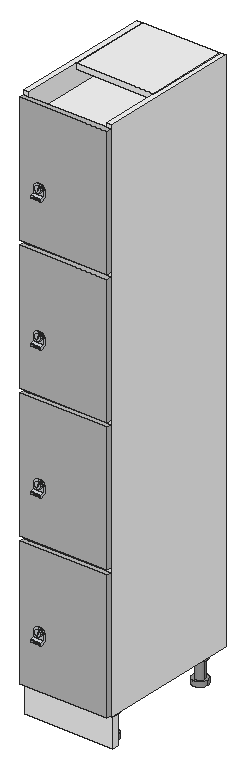
Revit family "1900H Locker Postal Slot 4 Door", category Casework, Revit 2016
Family settings
  OmniClass Number = 23.40.35.00
  OmniClass Title = Casework
  Work Plane-Based = No
  Always vertical = Yes
  Cut with Voids When Loaded = No
  Shared = No
  Room Calculation Point = No
Parameters (values of type "LW319P4ABNP")
  WarrantyGuarantorParts = "www.bisley.com"  # constant formula
  WarrantyGuarantorLabour = "www.bisley.com"  # constant formula
  WarrantyDurationUnit = "Years"  # constant formula
  WarrantyDurationParts = "5"  # constant formula
  WarrantyDurationLabour = "5"  # constant formula
  WarrantyDescription = "5 Years Parts & Labour"  # constant formula
  Uniclass2015Version = "3.1"  # constant formula
  Uniclass2015Title = "Lockers"  # constant formula
  Uniclass2015Code = "Pr_40_30_78_48"  # constant formula
  URL = "www.bisley.com"
  SustainabilityPerformance = "FSC Approved"  # constant formula
  SerialNumber = ""
  NominalWidth = Width  # 300 mm
  NominalLength = Depth  # 500 mm
  NominalHeight = Height  # 1900 mm
  Name = "1900H Postal Slot Door"  # constant formula
  NBSReference = "45-35-80/380"  # constant formula
  NBSDescription = "General fittings, furnishings and equipment system"  # constant formula
  ModelReference = "LW319P4ABNP"
  Model = "Lockerwall"  # constant formula
  Material = "MFC"  # constant formula
  ManufacturerURL = "www.bisley.com"  # constant formula
  Manufacturer = "Bisley"  # constant formula
  ManufactureName = "Bisley"  # constant formula
  M3 Lock = no
  Foot [instance] = Foot 100 : Foot 100
  Finish = "Matt"  # constant formula
  E4 Lock = no
  DurationUnit = "Years"  # constant formula
  Depth = 500 mm
  Height = 1900 mm
  Width = 300 mm
  Carcass Material = "MFC"  # constant formula
  Author = "Bisley"  # constant formula
  AssetType = "Fixed"  # constant formula
  AB Lock = yes
Types (19, lengths in mm): name | NominalWidth | ModelReference | M3 Lock | E4 Lock | Width | AB Lock
  (no name) | 300 | "LW319P4ABNP" | no | no | 300 | yes
  LW319P4ABNP | 300 | "LW319P4ABNP" | no | no | 300 | yes
  LW319P4ABUK | 300 | "LW319P4ABUK" | no | no | 300 | yes
  LW319P4E4NP | 300 | "LW319P4E4NP" | no | yes | 300 | no
  LW319P4E4UK | 300 | "LW319P4E4UK" | no | yes | 300 | no
  LW319P4M3NP | 300 | "LW319P4M3NP" | yes | no | 300 | no
  LW319P4M3UK | 300 | "LW319P4M3UK" | yes | no | 300 | no
  LW419P4ABNP | 400 | "LW419P4ABNP" | no | no | 400 | yes
  LW419P4ABUK | 400 | "LW419P4ABUK" | no | no | 400 | yes
  LW419P4E4NP | 400 | "LW419P4E4NP" | no | yes | 400 | no
  LW419P4E4UK | 400 | "LW419P4E4UK" | no | yes | 400 | no
  LW419P4M3NP | 400 | "LW419P4M3NP" | yes | no | 400 | no
  LW419P4M3UK | 400 | "LW419P4M3UK" | yes | no | 400 | no
  LW519P4ABNP | 500 | "LW519P4ABNP" | no | no | 500 | yes
  LW519P4ABUK | 500 | "LW519P4ABUK" | no | no | 500 | yes
  LW519P4E4NP | 500 | "LW519P4E4NP" | no | yes | 500 | no
  LW519P4E4UK | 500 | "LW519P4E4UK" | no | yes | 500 | no
  LW519P4M3NP | 500 | "LW519P4M3NP" | yes | no | 500 | no
  LW519P4M3UK | 500 | "LW519P4M3UK" | yes | no | 500 | no
Reference planes
  plane 1 "Back": y = 0
  plane 2: z = 0
  plane 3 "Center (Left/Right)": x = 44.7
  plane 4 "Front": y = -500
  plane 5 "Left": x = -105.3
  plane 6 "Right": x = 194.7
  plane 7 "Top": z = 1900
  plane 8 "Base": z = 98
  plane 9 "Base Left": x = -87.3
  plane 10 "Base Right": x = 176.7
  plane 11: y = -482
  plane 12: y = -10.5
  plane 13: y = -29.5
  plane 14 "Back Base": z = 110.5
  plane 15: z = 1887.5
  plane 16: z = 95
  plane 17 "Plinth": y = -477
  plane 18: y = -459
  plane 19: z = 101
  plane 20: z = 536
  plane 21: z = 551
  plane 22: z = 986
  plane 23: z = 1001
  plane 24: z = 1436
  plane 25: x = -103.3
  plane 26: x = 192.7
  plane 27 "Shelf 2": z = 999
  plane 28 "Shelf 1": z = 549
  plane 29 "Shelf 3": z = 1449
  plane 30: z = 1451
  plane 31: z = 1886
  plane 32: y = -282
  plane 33 "Shelf 4": z = 480
  plane 34 "Shelf 5": z = 930
  plane 35 "Shelf 6": z = 1380
  plane 36 "Shelf 7": z = 1830
Forms (mm)
  Extrusion 1, solid, not visible
    sketch origin (-1691.73, 346.204, -12) x (1, 0, 0) y (0, 0, 1)
      loop
        line (48, 12) -> (56, 12) -> (56, 20) -> (48, 20) -> (48, 12)
    from 0 to 26
  Extrusion 2, solid, not visible
    sketch origin (-1683.73, 346.204, -12) x (-1, 0, 0) y (0, 0, -1)
      loop
        line (48, -12) -> (48, -20) -> (56, -20) -> (56, -12) -> (48, -12)
    from 0 to 26
  Extrusion 3, solid, not visible
    sketch origin (-1687.73, 350.204, -3.997) x (0, 1, 0) y (0, 0, 1)
      loop
        line (-26, 3.997) -> (-26, 11.997) -> (-34, 11.997) -> (-34, 3.997) -> (-26, 3.997)
    from -52 to 52
  Extrusion 4, solid, material "MFC 1"
    sketch origin (0, 0, 0) x (1, 0, 0) y (0, 1, 0)
      loop
        line (-105.3, -482) -> (-87.3, -482) -> (-87.3, 0) -> (-105.3, 0) -> (-105.3, -482)
    from 98 to 1900
  Extrusion 5, solid, material "MFC 1"
    sketch origin (0, 0, 98) x (-1, 0, 0) y (0, -1, 0)
      loop
        line (-176.7, 482) -> (-194.7, 482) -> (-194.7, 0) -> (-176.7, 0) -> (-176.7, 482)
    from 0 to 1802
  Extrusion 6, solid, material "MFC 1"
    sketch origin (0, 0, 98) x (-1, 0, 0) y (0, -1, 0)
      loop
        line (87.3, 482) -> (-176.7, 482) -> (-176.7, 0) -> (87.3, 0) -> (87.3, 482)
    from 0 to 18
  Extrusion 7, void
    sketch origin (176.7, 0, 0) x (0, 1, 0) y (0, 0, 1)
      loop
        line (-29.5, 110.5) -> (-10.5, 110.5) -> (-10.5, 116) -> (-29.5, 116) -> (-29.5, 110.5)
    from 0 to -264
  Extrusion 8, solid, material "MFC 1"
    sketch origin (0, 0, 1540) x (0, -1, 0) y (1, 0, 0)
      loop
        line (282, -87.3) -> (282, 176.7) -> (0, 176.7) -> (0, -87.3) -> (282, -87.3)
    from 360 to 342
  Extrusion 9, void
    sketch origin (176.7, 0, 0) x (0, 1, 0) y (0, 0, 1)
      loop
        line (-29.5, 1884.5) -> (-10.5, 1884.5) -> (-10.5, 1887.5) -> (-29.5, 1887.5) -> (-29.5, 1884.5)
    from 0 to -264
  Extrusion 10, solid, material "MFC 1"
    sketch origin (0, 0, 110.5) x (0, -1, 0) y (1, 0, 0)
      loop
        line (29.5, -87.3) -> (29.5, 176.7) -> (10.5, 176.7) -> (10.5, -87.3) -> (29.5, -87.3)
    from 0 to 1777
  Extrusion 11, solid, material "MFC 1"
    sketch origin (0, 0, 0) x (1, 0, 0) y (0, 1, 0)
      loop
        line (-105.3, -477) -> (194.7, -477) -> (194.7, -459) -> (-105.3, -459) -> (-105.3, -477)
    from 0 to 95
  Extrusion 12, solid, material "MFC 2"
    sketch origin (0, -500, 180) x (1, 0, 0) y (0, 0, 1)
      loop
        line (-103.3, 821) -> (192.7, 821) -> (192.7, 1256) -> (-103.3, 1256) -> (-103.3, 821)
    from 0 to -18
  Extrusion 13, solid, material "MFC 2"
    sketch origin (0, -500, 90) x (1, 0, 0) y (0, 0, 1)
      loop
        line (-103.3, 461) -> (192.7, 461) -> (192.7, 896) -> (-103.3, 896) -> (-103.3, 461)
    from 0 to -18
  Extrusion 14, solid, material "MFC 2"
    sketch origin (0, -500, 0) x (1, 0, 0) y (0, 0, 1)
      loop
        line (-103.3, 101) -> (192.7, 101) -> (192.7, 536) -> (-103.3, 536) -> (-103.3, 101)
    from 0 to -18
  Extrusion 15, solid, material "MFC 1"
    sketch origin (0, 0, 540) x (-1, 0, 0) y (0, -1, 0)
      loop
        line (87.3, 482) -> (-176.7, 482) -> (-176.7, 29.5) -> (87.3, 29.5) -> (87.3, 482)
    from 9 to 27
  Extrusion 16, solid, material "MFC 1"
    sketch origin (0, 0, 990) x (-1, 0, 0) y (0, -1, 0)
      loop
        line (87.3, 482) -> (-176.7, 482) -> (-176.7, 29.5) -> (87.3, 29.5) -> (87.3, 482)
    from 9 to 27
  Extrusion 17, solid, material "MFC 1"
    sketch origin (0, 0, 1449) x (-1, 0, 0) y (0, -1, 0)
      loop
        line (87.3, 482) -> (-176.7, 482) -> (-176.7, 29.5) -> (87.3, 29.5) -> (87.3, 482)
    from 0 to 18
  Extrusion 18, solid, material "MFC 2"
    sketch origin (0, -500, 270) x (1, 0, 0) y (0, 0, 1)
      loop
        line (-103.3, 1181) -> (192.7, 1181) -> (192.7, 1616) -> (-103.3, 1616) -> (-103.3, 1181)
    from 0 to -18
  Extrusion 19, solid, material "MFC 1"
    sketch origin (0, 0, 480) x (-1, 0, 0) y (0, -1, 0)
      loop
        line (87.3, 482) -> (-176.7, 482) -> (-176.7, 29.5) -> (87.3, 29.5) -> (87.3, 482)
    from 0 to -18
  Extrusion 20, solid, material "MFC 1"
    sketch origin (0, 0, 930) x (-1, 0, 0) y (0, -1, 0)
      loop
        line (87.3, 482) -> (-176.7, 482) -> (-176.7, 29.5) -> (87.3, 29.5) -> (87.3, 482)
    from 0 to -18
  Extrusion 21, solid, material "MFC 1"
    sketch origin (0, 0, 1380) x (-1, 0, 0) y (0, -1, 0)
      loop
        line (87.3, 482) -> (-176.7, 482) -> (-176.7, 29.5) -> (87.3, 29.5) -> (87.3, 482)
    from 0 to -18
  Extrusion 22, solid, material "MFC 1"
    sketch origin (0, 0, 1830) x (-1, 0, 0) y (0, -1, 0)
      loop
        line (87.3, 482) -> (-176.7, 482) -> (-176.7, 29.5) -> (87.3, 29.5) -> (87.3, 482)
    from 0 to -18
Cuts and joins
  Extrusion 7, Extrusion 9 cuts Extrusion 5
  Extrusion 7 cuts Extrusion 6
  Extrusion 9 cuts Extrusion 4
  Extrusion 9 cuts Extrusion 8
Dimensions and locks
  "Width": plane 6 "Right" to plane 5 "Left"
  equal spacing: plane 6 "Right", plane 3 "Center (Left/Right)", plane 5 "Left"
  "Depth": plane 4 "Front" to plane 1 "Back"
  "Height": level to plane 7 "Top"
  locked: plane 5 "Left" to plane 9 "Base Left" at 18
  locked: plane 10 "Base Right" to plane 6 "Right" at 18
  locked: plane 7 "Top" to plane 15 at 12.5
  Extrusion 10 to plane 1 "Back" = 10.5 mm
  locked: nested 1 to plane 6 "Right" at 68
  locked: nested 2 to plane 6 "Right" at 68
  locked: plane 1 "Back" to nested 3 at 79.5
  locked: plane 11 to plane 4 "Front" at 18
  locked: plane 17 "Plinth" to plane 4 "Front" at 23
  locked: plane 18 to plane 4 "Front" at 41
  locked: nested 1 to plane 4 "Front" at 91
  locked: plane 5 "Left" to nested 4 at 68
  locked: plane 5 "Left" to nested 3 at 68
  locked: plane 4 "Front" to nested 4 at 91
  locked: plane 6 "Right" to plane 26 at 2
  locked: plane 25 to plane 5 "Left" at 2
  locked: plane 5 "Left" to nested 7 at 51
  locked: plane 5 "Left" to nested 6 at 51
  locked: plane 5 "Left" to nested 5 at 51
  locked: plane 5 "Left" to nested 10 at 40.5
  locked: plane 5 "Left" to nested 9 at 40.5
  locked: plane 5 "Left" to nested 8 at 40.5
  locked: plane 5 "Left" to nested 13 at 54.3
  locked: plane 5 "Left" to nested 12 at 54.3
  locked: plane 5 "Left" to nested 11 at 54.3
  locked: plane 5 "Left" to nested 16 at 40.5
  locked: plane 5 "Left" to nested 14 at 51
  locked: plane 5 "Left" to nested 15 at 54.3
  aligned and locked: level to plane 2
  aligned and locked: Extrusion 4 sketch curve to plane 11
  aligned and locked: Extrusion 4 sketch curve to plane 5 "Left"
  aligned and locked: Extrusion 4 sketch curve to plane 1 "Back"
  aligned and locked: plane 9 "Base Left" to Extrusion 4 sketch curve
  aligned and locked: Extrusion 4 to plane 8 "Base"
  aligned and locked: Extrusion 4 to plane 7 "Top"
  aligned and locked: Extrusion 5 sketch curve to plane 11
  aligned and locked: Extrusion 5 sketch curve to plane 10 "Base Right"
  aligned and locked: Extrusion 5 sketch curve to plane 1 "Back"
  aligned and locked: plane 6 "Right" to Extrusion 5 sketch curve
  aligned and locked: Extrusion 5 to plane 7 "Top"
  aligned and locked: Extrusion 5 to plane 8 "Base"
  aligned and locked: Extrusion 4 to Extrusion 6 sketch curve
  aligned and locked: Extrusion 6 sketch curve to Extrusion 4
  aligned and locked: Extrusion 5 to Extrusion 6 sketch curve
  aligned and locked: Extrusion 6 sketch curve to Extrusion 5
  aligned and locked: plane 6 "Right" to Extrusion 5
  aligned and locked: Extrusion 7 to plane 9 "Base Left"
  aligned and locked: plane 10 "Base Right" to Extrusion 7
  aligned and locked: Extrusion 8 sketch curve to Extrusion 4
  aligned and locked: cut or joined group of Extrusion 5, Extrusion 7, Extrusion 9 to Extrusion 8 sketch curve
  aligned and locked: plane 15 to Extrusion 9 sketch curve
  aligned and locked: cut or joined group of Extrusion 6, Extrusion 7 to Extrusion 10 sketch curve  (x2)
  aligned and locked: Extrusion 10 to plane 14 "Back Base"
  aligned and locked: plane 15 to Extrusion 10
  aligned and locked: Extrusion 9 to plane 9 "Base Left"
  aligned and locked: Extrusion 11 sketch curve to plane 17 "Plinth"
  aligned and locked: Extrusion 11 sketch curve to plane 5 "Left"
  aligned and locked: plane 18 to Extrusion 11 sketch curve
  aligned and locked: plane 6 "Right" to Extrusion 11 sketch curve
  aligned and locked: Extrusion 11 to plane 5 "Left"
  aligned and locked: plane 6 "Right" to Extrusion 11
  aligned and locked: Extrusion 5 to plane 11
  aligned and locked: Extrusion 4 to plane 11
  aligned and locked: Extrusion 12 to plane 25
  aligned and locked: plane 26 to Extrusion 12
  aligned and locked: Extrusion 12 to plane 23
  aligned and locked: plane 24 to Extrusion 12
  aligned and locked: Extrusion 13 sketch curve to plane 21
  aligned and locked: Extrusion 13 sketch curve to plane 25
  aligned and locked: plane 22 to Extrusion 13 sketch curve
  aligned and locked: plane 26 to Extrusion 13 sketch curve
  aligned and locked: Extrusion 14 sketch curve to plane 19
  aligned and locked: Extrusion 14 sketch curve to plane 25
  aligned and locked: plane 20 to Extrusion 14 sketch curve
  aligned and locked: plane 26 to Extrusion 14 sketch curve
  aligned and locked: Extrusion 15 sketch curve to cut or joined group of Extrusion 6, Extrusion 7
  aligned and locked: nested 2 to Extrusion 15 sketch curve
  aligned and locked: Extrusion 16 sketch curve to cut or joined group of Extrusion 6, Extrusion 7
  aligned and locked: nested 2 to Extrusion 16 sketch curve
  aligned and locked: Extrusion 8 to plane 7 "Top"
  aligned and locked: Extrusion 17 sketch curve to cut or joined group of Extrusion 6, Extrusion 7
  aligned and locked: nested 2 to Extrusion 17 sketch curve
  aligned and locked: Extrusion 18 sketch curve to plane 30
  aligned and locked: Extrusion 18 sketch curve to plane 25
  aligned and locked: plane 31 to Extrusion 18 sketch curve
  aligned and locked: plane 26 to Extrusion 18 sketch curve
  aligned and locked: cut or joined group of Extrusion 5, Extrusion 7, Extrusion 9 to Extrusion 8
  aligned and locked: Extrusion 16 to plane 27 "Shelf 2"
  aligned and locked: Extrusion 15 to plane 28 "Shelf 1"
  aligned and locked: Extrusion 8 to plane 32
  aligned and locked: Extrusion 19 sketch curve to cut or joined group of Extrusion 6, Extrusion 7  (x2)
  aligned and locked: cut or joined group of Extrusion 6, Extrusion 7 to Extrusion 19 sketch curve
  aligned and locked: nested 2 to Extrusion 19 sketch curve
  aligned and locked: plane 33 "Shelf 4" to Extrusion 19
  aligned and locked: Extrusion 20 sketch curve to cut or joined group of Extrusion 6, Extrusion 7  (x2)
  aligned and locked: cut or joined group of Extrusion 6, Extrusion 7 to Extrusion 20 sketch curve
  aligned and locked: nested 2 to Extrusion 20 sketch curve
  aligned and locked: plane 34 "Shelf 5" to Extrusion 20
  aligned and locked: Extrusion 21 sketch curve to cut or joined group of Extrusion 6, Extrusion 7  (x2)
  aligned and locked: cut or joined group of Extrusion 6, Extrusion 7 to Extrusion 21 sketch curve
  aligned and locked: nested 2 to Extrusion 21 sketch curve
  aligned and locked: plane 35 "Shelf 6" to Extrusion 21
  aligned and locked: Extrusion 22 sketch curve to cut or joined group of Extrusion 6, Extrusion 7  (x2)
  aligned and locked: cut or joined group of Extrusion 6, Extrusion 7 to Extrusion 22 sketch curve
  aligned and locked: nested 2 to Extrusion 22 sketch curve
  aligned and locked: plane 36 "Shelf 7" to Extrusion 22
Automatic sketch dimensions
  Extrusion 1 sketch curve to Extrusion 1 sketch curve = 8 mm  (x2)
  Extrusion 2 sketch curve to Extrusion 2 sketch curve = 8 mm  (x2)
  Extrusion 3 sketch curve to Extrusion 3 sketch curve = 8 mm  (x2)
  Extrusion 7 sketch curve to plane 13 = 0 mm
  Extrusion 7 sketch curve to plane 12 = 0 mm
  Extrusion 7 sketch curve to plane 14 "Back Base" = 0 mm
  Extrusion 7 sketch curve to Extrusion 7 sketch curve = 5.5 mm
  Extrusion 9 sketch curve to plane 13 = 0 mm
  Extrusion 9 sketch curve to plane 12 = 0 mm
  Extrusion 9 sketch curve to Extrusion 9 sketch curve = 3 mm
  plane 24 to Extrusion 12 sketch curve = 0 mm
  Extrusion 12 sketch curve to plane 25 = 0 mm
  plane 26 to Extrusion 12 sketch curve = 0 mm
  Extrusion 12 sketch curve to plane 23 = 0 mm
  plane 1 "Back" to Extrusion 8 sketch curve = 0 mm
  plane 11 to Extrusion 8 sketch curve = 200 mm
Nested families
  nested 1: "Foot 100" at (196.401, -409, 0) x (-1, 0, 0) z (0, 0, 1), type "Foot 100"
  nested 2: "Foot 100" at (196.401, -29.5, 0) x (-1, 0, 0) z (0, 0, 1), type "Foot 100"
  nested 3: "Foot 100" at (-107, -29.5, 0), type "Foot 100"
  nested 4: "Foot 100" at (-107, -409, 0), type "Foot 100"
  nested 5: "AB Lock" at (-82, -500, 253), visible <- "AB Lock", type "AB Lock"
  nested 6: "AB Lock" at (-82, -500, 703), visible <- "AB Lock", type "AB Lock"
  nested 7: "AB Lock" at (-82, -500, 1153), visible <- "AB Lock", type "AB Lock"
  nested 8: "M3 Lock" at (-93, -500, 256), visible <- "M3 Lock", type "M3 Lock"
  nested 9: "M3 Lock" at (-93, -500, 706), visible <- "M3 Lock", type "M3 Lock"
  nested 10: "M3 Lock" at (-93, -500, 1156), visible <- "M3 Lock", type "M3 Lock"
  nested 11: "E4 Lock" at (-83, -500, 265), visible <- "E4 Lock", type "E4 Lock"
  nested 12: "E4 Lock" at (-83, -500, 715), visible <- "E4 Lock", type "E4 Lock"
  nested 13: "E4 Lock" at (-83, -500, 1165), visible <- "E4 Lock", type "E4 Lock"
  nested 14: "AB Lock" at (-82, -500, 1603), visible <- "AB Lock", type "AB Lock"
  nested 15: "E4 Lock" at (-83, -500, 1615), visible <- "E4 Lock", type "E4 Lock"
  nested 16: "M3 Lock" at (-93, -500, 1606), visible <- "M3 Lock", type "M3 Lock"
Definition of nested family "Foot 100"
  Parameters (values of type "Foot 100")
    WarrantyGuarantorParts = "www.bisley.com"  # constant formula
    WarrantyGuarantorLabour = "www.bisley.com"  # constant formula
    WarrantyDurationUnit = "Years"  # constant formula
    WarrantyDurationParts = "5"  # constant formula
    WarrantyDurationLabour = "5"  # constant formula
    WarrantyDescription = "5 Years Parts & Labour"  # constant formula
    Uniclass2015Version = ""
    Uniclass2015Title = ""
    Uniclass2015Code = ""
    URL = "www.bisley.com"
    SustainabilityPerformance = "FSC Approved"  # constant formula
    SerialNumber = ""
    NominalWidth = Width  # 50 mm
    NominalLength = Depth  # 50 mm
    NominalHeight = Height  # 900 mm
    Name = ""
    NBSReference = ""
    NBSDescription = "General fittings, furnishings and equipment system"  # constant formula
    ModelReference = ""
    Model = "Abode"  # constant formula
    Material = "MFC"  # constant formula
    ManufacturerURL = "www.bisley.com"  # constant formula
    Manufacturer = "Bisley"  # constant formula
    ManufactureName = "Bisley"  # constant formula
    Finish = "Matt"  # constant formula
    ExpectedLife = "25"  # constant formula
    DurationUnit = "Years"  # constant formula
    Depth = 50 mm
    Height = 900 mm
    Width = 50 mm
    Carcass Material = "MFC"  # constant formula
    Author = "Bisley"  # constant formula
    AssetType = "Fixed"  # constant formula
  Reference planes
    plane 1 "Back": y = 0
    plane 2: z = 0
    plane 3 "Center (Left/Right)": x = 44.7
    plane 4 "Front": y = -50
    plane 5 "Left": x = 19.7
    plane 6 "Right": x = 69.7
    plane 7 "Top": z = 900
    plane 8: y = -25
    plane 9 "Foot top": z = 98
    plane 10: y = 0
    plane 11: y = -50
    plane 12: x = 19.7
    plane 13: x = 69.7
    plane 14: x = 24.7
    plane 15: y = -5
  Forms (mm)
    Extrusion 1, solid, not visible
      sketch origin (-1691.73, 346.204, -12) x (1, 0, 0) y (0, 0, 1)
        loop
          line (48, 12) -> (56, 12) -> (56, 20) -> (48, 20) -> (48, 12)
      from 0 to 26
    Extrusion 2, solid, not visible
      sketch origin (-1683.73, 346.204, -12) x (-1, 0, 0) y (0, 0, -1)
        loop
          line (48, -12) -> (48, -20) -> (56, -20) -> (56, -12) -> (48, -12)
      from 0 to 26
    Extrusion 3, solid, not visible
      sketch origin (-1687.73, 350.204, -3.997) x (0, 1, 0) y (0, 0, 1)
        loop
          line (-26, 3.997) -> (-26, 11.997) -> (-34, 11.997) -> (-34, 3.997) -> (-26, 3.997)
      from -52 to 52
    Extrusion 4, solid
      sketch origin (0, 275, 0) x (1, 0, 0) y (0, 1, 0)
        loop
          circle (44.7, -300) r 25
      from 0 to 15
    Extrusion 5, solid
      sketch origin (0, 275, 0) x (1, 0, 0) y (0, 1, 0)
        loop
          circle (44.7, -300) r 15
      from 15 to 78
    Extrusion 6, solid
      sketch origin (0, 275, 0) x (1, 0, 0) y (0, 1, 0)
        loop
          circle (44.7, -300) r 25
      from 78 to 98
    Extrusion 7, solid
      sketch origin (0, 275, 98) x (-1, 0, 0) y (0, -1, 0)
        loop
          line (-19.7, 325) -> (-69.7, 325) -> (-69.7, 275) -> (-19.7, 275) -> (-19.7, 325)
      from 0 to -10
    Extrusion 8, void
      sketch origin (0, 275, 98) x (-1, 0, 0) y (0, -1, 0)
        loop
          circle (-24.7, 280) r 2.5
      from 0 to -10
    Extrusion 9, void
      sketch origin (89.401, 275, 98) x (1, 0, 0) y (0, 1, 0)
        loop
          circle (-24.7, -280) r 2.5
      from 0 to -10
    Extrusion 10, void
      sketch origin (0, -325, 98) x (-1, 0, 0) y (0, -1, 0)
        loop
          circle (-24.7, -280) r 2.5
      from 0 to -10
    Extrusion 11, void
      sketch origin (89.401, -325, 98) x (1, 0, 0) y (0, 1, 0)
        loop
          circle (-24.7, 280) r 2.5
      from 0 to -10
  Cuts and joins
    Extrusion 8, Extrusion 9, Extrusion 10, Extrusion 11 cuts Extrusion 4
    Extrusion 8, Extrusion 9, Extrusion 10, Extrusion 11 cuts Extrusion 5
    Extrusion 8, Extrusion 9, Extrusion 10, Extrusion 11 cuts Extrusion 6
    Extrusion 8, Extrusion 9, Extrusion 10, Extrusion 11 cuts Extrusion 7
    joined: Extrusion 4, Extrusion 5, Extrusion 6, Extrusion 7
  Dimensions and locks
    "Width": plane 6 "Right" to plane 5 "Left"
    equal spacing: plane 6 "Right", plane 3 "Center (Left/Right)", plane 5 "Left"
    "Depth": plane 4 "Front" to plane 1 "Back"
    "Height": level to plane 7 "Top"
    aligned and locked: level to plane 2
    aligned and locked: Extrusion 5 to Extrusion 4
    aligned and locked: Extrusion 4 to level
    aligned and locked: Extrusion 6 to Extrusion 5
    aligned and locked: plane 9 "Foot top" to Extrusion 6
  Automatic sketch dimensions
    Extrusion 1 sketch curve to Extrusion 1 sketch curve = 8 mm  (x2)
    Extrusion 2 sketch curve to Extrusion 2 sketch curve = 8 mm  (x2)
    Extrusion 3 sketch curve to Extrusion 3 sketch curve = 8 mm  (x2)
    Extrusion 4 sketch curve to plane 3 "Center (Left/Right)" = 0 mm
    plane 8 to Extrusion 4 sketch curve = 0 mm
    Extrusion 5 sketch curve to plane 3 "Center (Left/Right)" = 0 mm
    plane 8 to Extrusion 5 sketch curve = 0 mm
    Extrusion 6 sketch curve to plane 3 "Center (Left/Right)" = 0 mm
    plane 8 to Extrusion 6 sketch curve = 0 mm
    Extrusion 7 sketch curve to plane 11 = 0 mm
    Extrusion 7 sketch curve to plane 13 = 0 mm
    plane 10 to Extrusion 7 sketch curve = 0 mm
    Extrusion 7 sketch curve to plane 12 = 0 mm
    Extrusion 8 sketch curve to plane 14 = 0 mm
    Extrusion 8 sketch curve to plane 15 = 0 mm
    plane 15 to Extrusion 9 sketch curve = 0 mm
    plane 13 to Extrusion 9 sketch curve = 5 mm
    Extrusion 10 sketch curve to plane 14 = 0 mm
    Extrusion 10 sketch curve to plane 11 = 5 mm
    Extrusion 11 sketch curve to plane 13 = 5 mm
    plane 11 to Extrusion 11 sketch curve = 5 mm
    radius of Extrusion 4 sketch curve = 25 mm
    radius of Extrusion 5 sketch curve = 15 mm
    radius of Extrusion 6 sketch curve = 25 mm
    radius of Extrusion 8 sketch curve = 2.5 mm
    radius of Extrusion 9 sketch curve = 2.5 mm
    radius of Extrusion 10 sketch curve = 2.5 mm
    radius of Extrusion 11 sketch curve = 2.5 mm
Definition of nested family "AB Lock"
  Parameters (values of type "AB Lock")
    WarrantyGuarantorParts = "www.bisley.com"  # constant formula
    WarrantyGuarantorLabour = "www.bisley.com"  # constant formula
    WarrantyDurationUnit = "Years"  # constant formula
    WarrantyDurationParts = "5"  # constant formula
    WarrantyDurationLabour = "5"  # constant formula
    WarrantyDescription = "5 Years Parts & Labour"  # constant formula
    Uniclass2015Version = ""
    Uniclass2015Title = ""
    Uniclass2015Code = ""
    URL = "www.bisley.com"
    SustainabilityPerformance = "FSC Approved"  # constant formula
    SerialNumber = ""
    NominalWidth = Width  # 34 mm
    NominalLength = Depth  # 15 mm
    NominalHeight = Height  # 45 mm
    Name = ""
    NBSReference = ""
    NBSDescription = "General fittings, furnishings and equipment system"  # constant formula
    ModelReference = ""
    Model = "Abode"  # constant formula
    Material = "MFC"  # constant formula
    ManufacturerURL = "www.bisley.com"  # constant formula
    Manufacturer = "Bisley"  # constant formula
    ManufactureName = "Bisley"  # constant formula
    Finish = "Matt"  # constant formula
    ExpectedLife = "25"  # constant formula
    DurationUnit = "Years"  # constant formula
    Depth = 15 mm
    Height = 45 mm
    Width = 34 mm
    Carcass Material = "MFC"  # constant formula
    Author = "Bisley"  # constant formula
    AssetType = "Fixed"  # constant formula
  Reference planes
    plane 1 "Back": y = 0
    plane 2: z = 0
    plane 3 "Center (Left/Right)": x = 44.7
    plane 4 "Front": y = -15
    plane 5 "Left": x = 27.7
    plane 6 "Right": x = 61.7
    plane 7 "Top": z = 45
    plane 8: z = 28
    plane 9: z = 3
    plane 10: x = 31.2
    plane 11: x = 58.2
    plane 12: z = 6
    plane 13: y = -12
    plane 14: z = 10
    plane 15 "Lockback": y = -3
    plane 16: x = 43.2
    plane 17: x = 46.2
    plane 18: z = 32
    plane 19: z = 24
  Forms (mm)
    Extrusion 1, solid, not visible
      sketch origin (-1691.73, 346.204, -12) x (1, 0, 0) y (0, 0, 1)
        loop
          line (48, 12) -> (56, 12) -> (56, 20) -> (48, 20) -> (48, 12)
      from 0 to 26
    Extrusion 2, solid, not visible
      sketch origin (-1683.73, 346.204, -12) x (-1, 0, 0) y (0, 0, -1)
        loop
          line (48, -12) -> (48, -20) -> (56, -20) -> (56, -12) -> (48, -12)
      from 0 to 26
    Extrusion 3, solid, not visible
      sketch origin (-1687.73, 350.204, -3.997) x (0, 1, 0) y (0, 0, 1)
        loop
          line (-26, 3.997) -> (-26, 11.997) -> (-34, 11.997) -> (-34, 3.997) -> (-26, 3.997)
      from -52 to 52
    Extrusion 4, solid
      sketch origin (0, 0, 0) x (1, 0, 0) y (0, 0, 1)
        loop
          line (27.7, 28) -> (27.7, 6) -> (61.7, 6) -> (61.7, 28)
          arc (61.7, 28) -> (44.7, 45) -> (27.7, 28) r 17
      from 0 to 3
    Extrusion 5, solid
      sketch origin (27.7, 0, 0) x (0, 1, 0) y (0, 0, 1)
        loop
          circle (-12, 3) r 3
      from 0 to 34
    Extrusion 6, solid
      sketch origin (27.7, 0, 0) x (0, 1, 0) y (0, 0, 1)
        loop
          line (0, 6) -> (-3, 10)
          arc (-3, 10) -> (-7.815, 8.71) -> (-12, 6) r 16
          arc (-12, 6) -> (-9.879, 5.121) -> (-9, 3) r 3
          arc (-9, 3) -> (-4.809, 5.427) -> (0, 6) r 12
      from 0 to 34
    Extrusion 7, void
      sketch origin (27.7, 0, 0) x (0, 1, 0) y (0, 0, 1)
        loop
          line (-3, 10) -> (-3, 6) -> (0, 6) -> (-3, 10)
      from 0 to 34
    Extrusion 8, solid
      sketch origin (0, -3, 0) x (-1, 0, 0) y (0, 0, 1)
        loop
          circle (-44.7, 28) r 10.5
      from 0 to -3
    Extrusion 9, void
      sketch origin (0, -3, 0) x (-1, 0, 0) y (0, 0, 1)
        loop
          line (-43.2, 24) -> (-43.2, 32) -> (-46.2, 32) -> (-46.2, 24) -> (-43.2, 24)
      from 0 to -3
  Cuts and joins
    Extrusion 7, Extrusion 9 cuts Extrusion 4
    Extrusion 9 cuts Extrusion 5
    Extrusion 9 cuts Extrusion 6
    joined: Extrusion 4, Extrusion 5, Extrusion 6
    Extrusion 9 cuts Extrusion 8
  Lines and regions (mm)
    reference lines
      curve 1: arc (27.7, 0, 6) -> (27.7, -4.809, 5.427) -> (27.7, -9, 3) r 12
      curve 2: arc (27.7, -3, 10) -> (27.7, -7.815, 8.71) -> (27.7, -12, 6) r 16
  Dimensions and locks
    "Width": plane 6 "Right" to plane 5 "Left"
    equal spacing: plane 6 "Right", plane 3 "Center (Left/Right)", plane 5 "Left"
    "Depth": plane 4 "Front" to plane 1 "Back"
    "Height": level to plane 7 "Top"
    aligned and locked: level to plane 2
  Automatic sketch dimensions
    Extrusion 1 sketch curve to Extrusion 1 sketch curve = 8 mm  (x2)
    Extrusion 2 sketch curve to Extrusion 2 sketch curve = 8 mm  (x2)
    Extrusion 3 sketch curve to Extrusion 3 sketch curve = 8 mm  (x2)
    Extrusion 4 sketch curve to plane 5 "Left" = 0 mm
    Extrusion 4 sketch curve to plane 6 "Right" = 0 mm
    Extrusion 4 sketch curve to plane 12 = 0 mm
    Extrusion 4 sketch curve to plane 8 = 0 mm
    Extrusion 5 sketch curve to plane 9 = 0 mm
    Extrusion 5 sketch curve to plane 13 = 0 mm
    curve 2 to plane 12 = 0 mm
    curve 2 to plane 13 = 0 mm
    curve 1 to plane 9 = 0 mm
    plane 14 to curve 2 = 0 mm
    curve 1 to plane 1 "Back" = 0 mm
    curve 1 to plane 12 = 0 mm
    plane 1 "Back" to curve 2 = 1.317 mm
    curve 2 to curve 1 = 0.303 mm
    curve 2 to level = 5.911 mm
    curve 1 to curve 2 = 0.046 mm
    Extrusion 6 sketch curve to plane 12 = 0 mm  (x2)
    Extrusion 6 sketch curve to plane 13 = 0 mm
    Extrusion 6 sketch curve to plane 9 = 0 mm
    plane 14 to Extrusion 6 sketch curve = 0 mm
    Extrusion 6 sketch curve to plane 1 "Back" = 0 mm
    plane 1 "Back" to Extrusion 6 sketch curve = 3 mm
    plane 1 "Back" to Extrusion 6 sketch curve = 1.317 mm
    Extrusion 6 sketch curve to Extrusion 6 sketch curve = 0.303 mm
    Extrusion 7 sketch curve to plane 12 = 0 mm
    plane 14 to Extrusion 7 sketch curve = 0 mm
    Extrusion 7 sketch curve to plane 1 "Back" = 0 mm
    plane 1 "Back" to Extrusion 7 sketch curve = 3 mm
    Extrusion 8 sketch curve to plane 3 "Center (Left/Right)" = 0 mm
    Extrusion 8 sketch curve to plane 8 = 0 mm
    Extrusion 9 sketch curve to plane 17 = 0 mm
    Extrusion 9 sketch curve to plane 16 = 0 mm
    Extrusion 9 sketch curve to plane 19 = 0 mm
    Extrusion 9 sketch curve to plane 18 = 0 mm
    radius of Extrusion 5 sketch curve = 3 mm
    radius of Extrusion 8 sketch curve = 10.5 mm
Definition of nested family "M3 Lock"
  Parameters (values of type "M3 Lock")
    WarrantyGuarantorParts = "www.bisley.com"  # constant formula
    WarrantyGuarantorLabour = "www.bisley.com"  # constant formula
    WarrantyDurationUnit = "Years"  # constant formula
    WarrantyDurationParts = "5"  # constant formula
    WarrantyDurationLabour = "5"  # constant formula
    WarrantyDescription = "5 Years Parts & Labour"  # constant formula
    Uniclass2015Version = ""
    Uniclass2015Title = ""
    Uniclass2015Code = ""
    URL = "www.bisley.com"
    SustainabilityPerformance = "FSC Approved"  # constant formula
    SerialNumber = ""
    NominalWidth = Width  # 33 mm
    NominalLength = Depth  # 21.5 mm
    NominalHeight = Height  # 83.5 mm
    Name = ""
    NBSReference = ""
    NBSDescription = "General fittings, furnishings and equipment system"  # constant formula
    ModelReference = ""
    Model = "Abode"  # constant formula
    Material = "MFC"  # constant formula
    ManufacturerURL = "www.bisley.com"  # constant formula
    Manufacturer = "Bisley"  # constant formula
    ManufactureName = "Bisley"  # constant formula
    Finish = "Matt"  # constant formula
    ExpectedLife = "25"  # constant formula
    DurationUnit = "Years"  # constant formula
    Depth = 21.5 mm
    Height = 83.5 mm
    Width = 33 mm
    Carcass Material = "MFC"  # constant formula
    Author = "Bisley"  # constant formula
    AssetType = "Fixed"  # constant formula
  Reference planes
    plane 1 "Back": y = 0
    plane 2: z = 0
    plane 3 "Center (Left/Right)": x = 44.7
    plane 4 "Front": y = -21.5
    plane 5 "Left": x = 28.2
    plane 6 "Right": x = 61.2
    plane 7 "Top": z = 83.5
    plane 8 "BackFront": y = -3.045
    plane 9: x = 32.2
    plane 10: z = 79.5
    plane 11: x = 57.2
    plane 12: z = 4
    plane 13: x = 32.2
    plane 14: x = 57.2
    plane 15 "Barrel Base": z = 30.5
    plane 16: x = 40.5
    plane 17: x = 48.9
    plane 18: y = -4.445
    plane 19: z = 74.5
    plane 20 "L4": z = 69.8
    plane 21: z = 64.9
    plane 22 "L3": z = 60.2
    plane 23: z = 55.3
    plane 24 "L2": z = 50.6
    plane 25: z = 45.7
    plane 26 "L1": z = 41
    plane 27: x = 38.2
    plane 28: x = 51.2
    plane 29: y = -4.945
    plane 30: z = 40.5
    plane 31 "l-1": z = 38.5
    plane 32: z = 16
    plane 33: y = -9.045
    plane 34 "Thumbturn": y = -19.5
    plane 35: x = 43.2
    plane 36: x = 46.2
    plane 37: z = 20
    plane 38: z = 12
  Forms (mm)
    Extrusion 1, solid, not visible
      sketch origin (-1691.73, 346.204, -12) x (1, 0, 0) y (0, 0, 1)
        loop
          line (48, 12) -> (56, 12) -> (56, 20) -> (48, 20) -> (48, 12)
      from 0 to 26
    Extrusion 2, solid, not visible
      sketch origin (-1683.73, 346.204, -12) x (-1, 0, 0) y (0, 0, -1)
        loop
          line (48, -12) -> (48, -20) -> (56, -20) -> (56, -12) -> (48, -12)
      from 0 to 26
    Extrusion 3, solid, not visible
      sketch origin (-1687.73, 350.204, -3.997) x (0, 1, 0) y (0, 0, 1)
        loop
          line (-26, 3.997) -> (-26, 11.997) -> (-34, 11.997) -> (-34, 3.997) -> (-26, 3.997)
      from -52 to 52
    Extrusion 4, solid
      sketch origin (0, 0, 0) x (1, 0, 0) y (0, 0, 1)
        loop
          line (28.2, 0) -> (61.2, 0) -> (61.2, 83.5) -> (28.2, 83.5) -> (28.2, 0)
      from 0 to 3
    Extrusion 5, void
      sketch origin (0, 0, 0) x (1, 0, 0) y (0, 0, 1)
        loop
          arc (28.2, 79.5) -> (29.372, 82.328) -> (32.2, 83.5) r 4
          line (32.2, 83.5) -> (28.2, 83.5) -> (28.2, 79.5)
      from 0 to 3
    Extrusion 6, void
      sketch origin (0, 0, 0) x (1, 0, 0) y (0, 0, 1)
        loop
          arc (57.2, 83.5) -> (60.029, 82.328) -> (61.2, 79.5) r 4
          line (61.2, 79.5) -> (61.2, 83.5) -> (57.2, 83.5)
      from 0 to 3
    Extrusion 7, void
      sketch origin (0, 0, 0) x (1, 0, 0) y (0, 0, 1)
        loop
          arc (32.2, 0) -> (29.372, 1.172) -> (28.2, 4) r 4
          line (28.2, 4) -> (28.2, 0) -> (32.2, 0)
      from 0 to 3
    Extrusion 8, void
      sketch origin (0, 0, 0) x (1, 0, 0) y (0, 0, 1)
        loop
          line (57.2, 0) -> (61.2, 0) -> (61.2, 4)
          arc (61.2, 4) -> (60.029, 1.172) -> (57.2, 0) r 4
      from 0 to 3
    Extrusion 9, solid
      sketch origin (0, 0, 30.5) x (-1, 0, 0) y (0, -1, 0)
        loop
          arc (-40.5, 3) -> (-44.7, 4.445) -> (-48.9, 3) r 6.827
          line (-48.9, 3) -> (-40.5, 3)
      from 0 to 49
    Extrusion 10, solid
      sketch origin (0, 0, 41) x (-1, 0, 0) y (0, -1, 0)
        loop
          arc (-38.2, 3) -> (-44.7, 4.945) -> (-51.2, 3) r 11.835
          line (-51.2, 3) -> (-38.2, 3)
      from 0 to 4.7
    Extrusion 11, solid
      sketch origin (0, 0, 50.6) x (-1, 0, 0) y (0, -1, 0)
        loop
          arc (-38.2, 3) -> (-44.7, 4.945) -> (-51.2, 3) r 11.835
          line (-51.2, 3) -> (-38.2, 3)
      from 0 to 4.7
    Extrusion 12, solid
      sketch origin (0, 0, 60.2) x (-1, 0, 0) y (0, -1, 0)
        loop
          arc (-38.2, 3) -> (-44.7, 4.945) -> (-51.2, 3) r 11.835
          line (-51.2, 3) -> (-38.2, 3)
      from 0 to 4.7
    Extrusion 13, solid
      sketch origin (0, 0, 69.8) x (-1, 0, 0) y (0, -1, 0)
        loop
          arc (-38.2, 3) -> (-44.7, 4.945) -> (-51.2, 3) r 11.835
          line (-51.2, 3) -> (-38.2, 3)
      from 0 to 4.7
    Extrusion 14, solid
      sketch origin (0, 0, 38.5) x (-1, 0, 0) y (0, -1, 0)
        loop
          arc (-38.2, 3) -> (-44.7, 4.945) -> (-51.2, 3) r 11.835
          line (-51.2, 3) -> (-38.2, 3)
      from 0 to 2
    Extrusion 15, solid
      sketch origin (0, -3.045, 0) x (-1, 0, 0) y (0, 0, 1)
        loop
          circle (-44.7, 16) r 14.25
      from 0 to -4
    Extrusion 16, solid
      sketch origin (0, -3.045, 0) x (-1, 0, 0) y (0, 0, 1)
        loop
          circle (-44.7, 16) r 12.7
      from 0 to -18.455
    Extrusion 17, void
      sketch origin (0, -21.5, 0) x (1, 0, 0) y (0, 0, 1)
        loop
          circle (44.7, 16) r 7.362
      from 0 to -1
    Extrusion 18, solid
      sketch origin (0, -21.5, 0) x (1, 0, 0) y (0, 0, 1)
        loop
          line (40.5, 29.617) -> (40.5, 27.985)
          arc (40.5, 27.985) -> (44.7, 28.7) -> (48.9, 27.985) r 12.7
          line (48.9, 27.985) -> (48.9, 29.617)
          arc (48.9, 29.617) -> (44.7, 30.25) -> (40.5, 29.617) r 14.25
      from 0 to -14.5
    Extrusion 19, solid
      sketch origin (0, -20.483, 0) x (1, 0, 0) y (0, 0, 1)
        loop
          circle (44.7, 16) r 13.48
      from 0 to -1.5
    Extrusion 20, void
      sketch origin (0, -21.5, 0) x (1, 0, 0) y (0, 0, 1)
        loop
          line (43.2, 12) -> (46.2, 12) -> (46.2, 20) -> (43.2, 20) -> (43.2, 12)
      from 0 to -10.5
  Cuts and joins
    Extrusion 5, Extrusion 6, Extrusion 7, Extrusion 8, Extrusion 17, Extrusion 20 cuts Extrusion 4
    Extrusion 17, Extrusion 20 cuts Extrusion 9
    Extrusion 17, Extrusion 20 cuts Extrusion 10
    Extrusion 17, Extrusion 20 cuts Extrusion 11
    Extrusion 17, Extrusion 20 cuts Extrusion 12
    Extrusion 17, Extrusion 20 cuts Extrusion 13
    Extrusion 17, Extrusion 20 cuts Extrusion 14
    Extrusion 17, Extrusion 20 cuts Extrusion 15
    Extrusion 17, Extrusion 20 cuts Extrusion 16
    Extrusion 20 cuts Extrusion 18
    Extrusion 20 cuts Extrusion 19
    joined: Extrusion 4, Extrusion 9, Extrusion 10, Extrusion 11, Extrusion 12, Extrusion 13, Extrusion 14, Extrusion 15, Extrusion 16, Extrusion 18, Extrusion 19
  Dimensions and locks
    "Width": plane 6 "Right" to plane 5 "Left"
    equal spacing: plane 6 "Right", plane 3 "Center (Left/Right)", plane 5 "Left"
    "Depth": plane 4 "Front" to plane 1 "Back"
    "Height": level to plane 7 "Top"
    aligned and locked: level to plane 2
    aligned and locked: plane 10 to Extrusion 9
    aligned and locked: Extrusion 9 to plane 15 "Barrel Base"
    aligned and locked: Extrusion 4 to plane 7 "Top"
    aligned and locked: plane 6 "Right" to Extrusion 4
    aligned and locked: Extrusion 4 to plane 5 "Left"
    aligned and locked: Extrusion 4 to level
  Automatic sketch dimensions
    Extrusion 1 sketch curve to Extrusion 1 sketch curve = 8 mm  (x2)
    Extrusion 2 sketch curve to Extrusion 2 sketch curve = 8 mm  (x2)
    Extrusion 3 sketch curve to Extrusion 3 sketch curve = 8 mm  (x2)
    Extrusion 4 sketch curve to plane 5 "Left" = 0 mm
    Extrusion 4 sketch curve to plane 6 "Right" = 0 mm
    Extrusion 4 sketch curve to level = 0 mm
    Extrusion 4 sketch curve to plane 7 "Top" = 0 mm
    Extrusion 5 sketch curve to plane 7 "Top" = 0 mm
    Extrusion 5 sketch curve to plane 9 = 0 mm
    Extrusion 5 sketch curve to plane 10 = 0 mm
    Extrusion 6 sketch curve to plane 7 "Top" = 0 mm  (x2)
    Extrusion 6 sketch curve to plane 11 = 0 mm
    Extrusion 6 sketch curve to plane 6 "Right" = 0 mm
    Extrusion 6 sketch curve to plane 10 = 0 mm
    Extrusion 7 sketch curve to level = 0 mm
    Extrusion 7 sketch curve to plane 5 "Left" = 0 mm
    plane 9 to Extrusion 7 sketch curve = 0 mm  (x2)
    Extrusion 7 sketch curve to plane 12 = 0 mm
    Extrusion 8 sketch curve to level = 0 mm
    plane 11 to Extrusion 8 sketch curve = 0 mm
    Extrusion 8 sketch curve to plane 12 = 0 mm
    Extrusion 9 sketch curve to plane 17 = 0 mm
    Extrusion 9 sketch curve to plane 16 = 0 mm
    Extrusion 9 sketch curve to plane 1 "Back" = 2.382 mm
    plane 8 "BackFront" to Extrusion 9 sketch curve = 0.045 mm
    Extrusion 10 sketch curve to plane 28 = 0 mm
    Extrusion 10 sketch curve to plane 27 = 0 mm
    Extrusion 10 sketch curve to plane 1 "Back" = 6.89 mm
    plane 8 "BackFront" to Extrusion 10 sketch curve = 0.045 mm
    Extrusion 11 sketch curve to plane 28 = 0 mm
    Extrusion 11 sketch curve to plane 27 = 0 mm
    Extrusion 11 sketch curve to plane 1 "Back" = 6.89 mm
    plane 8 "BackFront" to Extrusion 11 sketch curve = 0.045 mm
    Extrusion 12 sketch curve to plane 28 = 0 mm
    Extrusion 12 sketch curve to plane 27 = 0 mm
    Extrusion 12 sketch curve to plane 1 "Back" = 6.89 mm
    plane 8 "BackFront" to Extrusion 12 sketch curve = 0.045 mm
    Extrusion 13 sketch curve to plane 28 = 0 mm
    Extrusion 13 sketch curve to plane 27 = 0 mm
    Extrusion 13 sketch curve to plane 1 "Back" = 6.89 mm
    plane 8 "BackFront" to Extrusion 13 sketch curve = 0.045 mm
    Extrusion 14 sketch curve to plane 28 = 0 mm
    Extrusion 14 sketch curve to plane 27 = 0 mm
    Extrusion 14 sketch curve to plane 1 "Back" = 6.89 mm
    plane 8 "BackFront" to Extrusion 14 sketch curve = 0.045 mm
    Extrusion 15 sketch curve to plane 3 "Center (Left/Right)" = 0 mm
    Extrusion 15 sketch curve to plane 32 = 0 mm
    Extrusion 16 sketch curve to plane 3 "Center (Left/Right)" = 0 mm
    Extrusion 16 sketch curve to plane 32 = 0 mm
    Extrusion 17 sketch curve to plane 3 "Center (Left/Right)" = 0 mm
    Extrusion 17 sketch curve to plane 32 = 0 mm
    Extrusion 18 sketch curve to Extrusion 18 sketch curve = 0 mm  (x2)
    Extrusion 18 sketch curve to plane 16 = 0 mm
    Extrusion 18 sketch curve to plane 3 "Center (Left/Right)" = 0 mm
    Extrusion 18 sketch curve to plane 17 = 0 mm
    Extrusion 18 sketch curve to plane 32 = 0 mm
    Extrusion 18 sketch curve to plane 15 "Barrel Base" = 2.515 mm
    Extrusion 18 sketch curve to plane 15 "Barrel Base" = 0.883 mm
    Extrusion 19 sketch curve to plane 3 "Center (Left/Right)" = 0 mm
    Extrusion 19 sketch curve to plane 32 = 0 mm
    Extrusion 20 sketch curve to plane 35 = 0 mm
    Extrusion 20 sketch curve to plane 36 = 0 mm
    Extrusion 20 sketch curve to plane 38 = 0 mm
    Extrusion 20 sketch curve to plane 37 = 0 mm
    radius of Extrusion 15 sketch curve = 14.25 mm
    radius of Extrusion 16 sketch curve = 12.7 mm
    radius of Extrusion 17 sketch curve = 7.362 mm
    radius of Extrusion 19 sketch curve = 13.48 mm
Definition of nested family "E4 Lock"
  Parameters (values of type "E4 Lock")
    WarrantyGuarantorParts = "www.bisley.com"  # constant formula
    WarrantyGuarantorLabour = "www.bisley.com"  # constant formula
    WarrantyDurationUnit = "Years"  # constant formula
    WarrantyDurationParts = "5"  # constant formula
    WarrantyDurationLabour = "5"  # constant formula
    WarrantyDescription = "5 Years Parts & Labour"  # constant formula
    Uniclass2015Version = ""
    Uniclass2015Title = ""
    Uniclass2015Code = ""
    URL = "www.bisley.com"
    SustainabilityPerformance = "FSC Approved"  # constant formula
    SerialNumber = ""
    NominalWidth = Width  # 25.4 mm
    NominalLength = Depth  # 20.4 mm
    NominalHeight = Height  # 101 mm
    Name = ""
    NBSReference = ""
    NBSDescription = "General fittings, furnishings and equipment system"  # constant formula
    ModelReference = ""
    Model = "Abode"  # constant formula
    Material = "MFC"  # constant formula
    ManufacturerURL = "www.bisley.com"  # constant formula
    Manufacturer = "Bisley"  # constant formula
    ManufactureName = "Bisley"  # constant formula
    Finish = "Matt"  # constant formula
    ExpectedLife = "25"  # constant formula
    DurationUnit = "Years"  # constant formula
    Depth = 20.4 mm
    Height = 101 mm
    Width = 25.4 mm
    Carcass Material = "MFC"  # constant formula
    Author = "Bisley"  # constant formula
    AssetType = "Fixed"  # constant formula
  Reference planes
    plane 1 "Back": y = 0
    plane 2: z = 0
    plane 3 "Center (Left/Right)": x = 44.7
    plane 4 "Front": y = -20.4
    plane 5 "Left": x = 32
    plane 6 "Right": x = 57.4
    plane 7 "Top": z = 101
    plane 8 "Back Front": y = -13.4
    plane 9: x = 35
    plane 10: x = 54.4
    plane 11: x = 35
    plane 12: x = 54.4
    plane 13: z = 3
    plane 14: z = 98
    plane 15 "Numbers": y = -14.4
    plane 16: z = 94
    plane 17: z = 87
    plane 18: z = 84.5
    plane 19: z = 77.5
    plane 20: z = 75
    plane 21: z = 68
    plane 22: z = 65.5
    plane 23: z = 58.5
    plane 24: z = 56
    plane 25: z = 49
    plane 26: z = 46.5
    plane 27: z = 39.5
    plane 28: z = 37
    plane 29: z = 32
    plane 30: z = 5.5
    plane 31: z = 25
    plane 32: z = 23
    plane 33: x = 36
    plane 34: x = 53.4
    plane 35: x = 44.5
    plane 36: x = 44.9
    plane 37: x = 37.98
    plane 38: x = 51.4
    plane 39: z = 35.539
    plane 40: z = 33.5
    plane 41: z = 28.5
    plane 42: x = 41.287
    plane 43: x = 48.1
    plane 44: x = 39.98
    plane 45: x = 49.4
    plane 46: z = 21
    plane 47: z = 7.5
    plane 48: z = 14.25
  Forms (mm)
    Extrusion 1, solid, not visible
      sketch origin (-1691.73, 346.204, -12) x (1, 0, 0) y (0, 0, 1)
        loop
          line (48, 12) -> (56, 12) -> (56, 20) -> (48, 20) -> (48, 12)
      from 0 to 26
    Extrusion 2, solid, not visible
      sketch origin (-1683.73, 346.204, -12) x (-1, 0, 0) y (0, 0, -1)
        loop
          line (48, -12) -> (48, -20) -> (56, -20) -> (56, -12) -> (48, -12)
      from 0 to 26
    Extrusion 3, solid, not visible
      sketch origin (-1687.73, 350.204, -3.997) x (0, 1, 0) y (0, 0, 1)
        loop
          line (-26, 3.997) -> (-26, 11.997) -> (-34, 11.997) -> (-34, 3.997) -> (-26, 3.997)
      from -52 to 52
    Extrusion 4, solid
      sketch origin (0, 0, 0) x (1, 0, 0) y (0, 0, 1)
        loop
          line (32, 0) -> (57.4, 0) -> (57.4, 101) -> (32, 101) -> (32, 0)
      from 0 to 13.4
    Extrusion 5, void
      sketch origin (0, 0, 0) x (1, 0, 0) y (0, 0, 1)
        loop
          arc (32, 98) -> (32.879, 100.121) -> (35, 101) r 3
          line (35, 101) -> (32, 101) -> (32, 98)
      from 0 to 13.4
    Extrusion 6, void
      sketch origin (0, 0, 0) x (1, 0, 0) y (0, 0, 1)
        loop
          line (57.4, 98) -> (57.4, 101) -> (54.4, 101)
          arc (54.4, 101) -> (56.522, 100.121) -> (57.4, 98) r 3
      from 0 to 13.4
    Extrusion 7, void
      sketch origin (0, 0, 0) x (1, 0, 0) y (0, 0, 1)
        loop
          line (32, 3) -> (32, 0) -> (35, 0)
          arc (35, 0) -> (32.879, 0.879) -> (32, 3) r 3
      from 0 to 13.4
    Extrusion 8, void
      sketch origin (0, 0, 0) x (1, 0, 0) y (0, 0, 1)
        loop
          line (54.4, 0) -> (57.4, 0) -> (57.4, 3)
          arc (57.4, 3) -> (56.522, 0.879) -> (54.4, 0) r 3
      from 0 to 13.4
    Extrusion 9, solid
      sketch origin (0, -13.4, 0) x (-1, 0, 0) y (0, 0, 1)
        loop
          line (-36, 87) -> (-36, 94) -> (-44.5, 94) -> (-44.5, 87) -> (-36, 87)
      from 0 to -1
    Extrusion 10, solid
      sketch origin (0, -13.4, 0) x (-1, 0, 0) y (0, 0, 1)
        loop
          line (-44.9, 87) -> (-44.9, 94) -> (-53.4, 94) -> (-53.4, 87) -> (-44.9, 87)
      from 0 to -1
    Extrusion 11, solid
      sketch origin (0, -13.4, -9.5) x (-1, 0, 0) y (0, 0, 1)
        loop
          line (-36, 87) -> (-36, 94) -> (-44.5, 94) -> (-44.5, 87) -> (-36, 87)
      from 0 to -1
    Extrusion 12, solid
      sketch origin (0, -13.4, -9.5) x (-1, 0, 0) y (0, 0, 1)
        loop
          line (-44.9, 87) -> (-44.9, 94) -> (-53.4, 94) -> (-53.4, 87) -> (-44.9, 87)
      from 0 to -1
    Extrusion 13, solid
      sketch origin (0, -13.4, -19) x (-1, 0, 0) y (0, 0, 1)
        loop
          line (-36, 87) -> (-36, 94) -> (-44.5, 94) -> (-44.5, 87) -> (-36, 87)
      from 0 to -1
    Extrusion 14, solid
      sketch origin (0, -13.4, -19) x (-1, 0, 0) y (0, 0, 1)
        loop
          line (-44.9, 87) -> (-44.9, 94) -> (-53.4, 94) -> (-53.4, 87) -> (-44.9, 87)
      from 0 to -1
    Extrusion 15, solid
      sketch origin (0, -13.4, -28.5) x (-1, 0, 0) y (0, 0, 1)
        loop
          line (-36, 87) -> (-36, 94) -> (-44.5, 94) -> (-44.5, 87) -> (-36, 87)
      from 0 to -1
    Extrusion 16, solid
      sketch origin (0, -13.4, -28.5) x (-1, 0, 0) y (0, 0, 1)
        loop
          line (-44.9, 87) -> (-44.9, 94) -> (-53.4, 94) -> (-53.4, 87) -> (-44.9, 87)
      from 0 to -1
    Extrusion 17, solid
      sketch origin (0, -13.4, -38) x (-1, 0, 0) y (0, 0, 1)
        loop
          line (-36, 87) -> (-36, 94) -> (-44.5, 94) -> (-44.5, 87) -> (-36, 87)
      from 0 to -1
    Extrusion 18, solid
      sketch origin (0, -13.4, -38) x (-1, 0, 0) y (0, 0, 1)
        loop
          line (-44.9, 87) -> (-44.9, 94) -> (-53.4, 94) -> (-53.4, 87) -> (-44.9, 87)
      from 0 to -1
    Extrusion 19, solid
      sketch origin (0, -13.4, -47.5) x (-1, 0, 0) y (0, 0, 1)
        loop
          line (-36, 87) -> (-36, 94) -> (-44.5, 94) -> (-44.5, 87) -> (-36, 87)
      from 0 to -1
    Extrusion 20, solid
      sketch origin (0, -13.4, -47.5) x (-1, 0, 0) y (0, 0, 1)
        loop
          line (-44.9, 87) -> (-44.9, 94) -> (-53.4, 94) -> (-53.4, 87) -> (-44.9, 87)
      from 0 to -1
    Extrusion 21, solid
      sketch origin (0, -14.4, 0) x (-1, 0, 0) y (0, 0, 1)
        loop
          line (-37.98, 33.5) -> (-37.98, 35.539) -> (-51.4, 35.539) -> (-51.4, 33.5) -> (-37.98, 33.5)
      from 0 to 1
    Extrusion 22, solid
      sketch origin (0, -14.4, 0) x (-1, 0, 0) y (0, 0, 1)
        loop
          line (-37.98, 25) -> (-37.98, 32) -> (-51.4, 32) -> (-51.4, 25) -> (-37.98, 25)
      from 0 to 1
    Extrusion 23, void
      sketch origin (0, -14.4, 0) x (-1, 0, 0) y (0, 0, 1)
        loop
          circle (-41.287, 28.5) r 1
      from 0 to 1
    Extrusion 24, void
      sketch origin (0, -14.4, 0) x (-1, 0, 0) y (0, 0, 1)
        loop
          circle (-44.7, 28.5) r 0.982
      from 0 to 1
    Extrusion 25, void
      sketch origin (0, -14.4, 0) x (-1, 0, 0) y (0, 0, 1)
        loop
          circle (-48.1, 28.5) r 1.013
      from 0 to 1
    Extrusion 26, solid
      sketch origin (0, -20.4, 0) x (1, 0, 0) y (0, 0, 1)
        loop
          line (37.98, 5.5) -> (51.4, 5.5) -> (51.4, 23) -> (37.98, 23) -> (37.98, 5.5)
      from 0 to -6
    Extrusion 27, void
      sketch origin (0, -20.4, 0) x (1, 0, 0) y (0, 0, 1)
        loop
          line (39.98, 23) -> (37.98, 23) -> (37.98, 21)
          arc (37.98, 21) -> (38.566, 22.414) -> (39.98, 23) r 2
      from 0 to -6
    Extrusion 28, void
      sketch origin (0, -20.4, 0) x (1, 0, 0) y (0, 0, 1)
        loop
          arc (49.4, 23) -> (50.815, 22.414) -> (51.4, 21) r 2
          line (51.4, 21) -> (51.4, 23) -> (49.4, 23)
      from 0 to -6
    Extrusion 29, void
      sketch origin (0, -20.4, 0) x (1, 0, 0) y (0, 0, 1)
        loop
          line (37.98, 7.5) -> (37.98, 5.5) -> (39.98, 5.5)
          arc (39.98, 5.5) -> (38.566, 6.086) -> (37.98, 7.5) r 2
      from 0 to -6
    Extrusion 30, void
      sketch origin (0, -20.4, 0) x (1, 0, 0) y (0, 0, 1)
        loop
          line (49.4, 5.5) -> (51.4, 5.5) -> (51.4, 7.5)
          arc (51.4, 7.5) -> (50.815, 6.086) -> (49.4, 5.5) r 2
      from 0 to -6
    Extrusion 31, solid
      sketch origin (0, -14.4, 0) x (-1, 0, 0) y (0, 0, 1)
        loop
          circle (-44.7, 14.25) r 7.5
      from 0 to 1
  Cuts and joins
    Extrusion 5, Extrusion 6, Extrusion 7, Extrusion 8 cuts Extrusion 4
    Extrusion 23, Extrusion 24, Extrusion 25 cuts Extrusion 22
    Extrusion 27, Extrusion 28, Extrusion 29, Extrusion 30 cuts Extrusion 26
  Dimensions and locks
    "Width": plane 6 "Right" to plane 5 "Left"
    equal spacing: plane 6 "Right", plane 3 "Center (Left/Right)", plane 5 "Left"
    "Depth": plane 4 "Front" to plane 1 "Back"
    "Height": level to plane 7 "Top"
    aligned and locked: level to plane 2
    aligned and locked: Extrusion 4 to plane 5 "Left"
    aligned and locked: plane 6 "Right" to Extrusion 4
    aligned and locked: Extrusion 4 to plane 7 "Top"
    aligned and locked: Extrusion 4 to level
  Automatic sketch dimensions
    Extrusion 1 sketch curve to Extrusion 1 sketch curve = 8 mm  (x2)
    Extrusion 2 sketch curve to Extrusion 2 sketch curve = 8 mm  (x2)
    Extrusion 3 sketch curve to Extrusion 3 sketch curve = 8 mm  (x2)
    Extrusion 4 sketch curve to plane 5 "Left" = 0 mm
    Extrusion 4 sketch curve to plane 6 "Right" = 0 mm
    Extrusion 4 sketch curve to level = 0 mm
    Extrusion 4 sketch curve to plane 7 "Top" = 0 mm
    Extrusion 5 sketch curve to plane 5 "Left" = 0 mm  (x2)
    Extrusion 5 sketch curve to plane 7 "Top" = 0 mm
    Extrusion 5 sketch curve to plane 9 = 0 mm
    Extrusion 5 sketch curve to plane 14 = 0 mm
    Extrusion 6 sketch curve to plane 10 = 0 mm
    Extrusion 6 sketch curve to plane 6 "Right" = 0 mm
    Extrusion 6 sketch curve to plane 14 = 0 mm
    Extrusion 7 sketch curve to level = 0 mm
    Extrusion 7 sketch curve to plane 5 "Left" = 0 mm
    plane 9 to Extrusion 7 sketch curve = 0 mm
    Extrusion 8 sketch curve to level = 0 mm
    plane 10 to Extrusion 8 sketch curve = 0 mm
    Extrusion 8 sketch curve to plane 6 "Right" = 0 mm
    Extrusion 9 sketch curve to plane 17 = 0 mm
    Extrusion 9 sketch curve to plane 35 = 0 mm
    Extrusion 9 sketch curve to plane 16 = 0 mm
    Extrusion 9 sketch curve to plane 33 = 0 mm
    Extrusion 10 sketch curve to plane 17 = 0 mm
    Extrusion 10 sketch curve to plane 34 = 0 mm
    Extrusion 10 sketch curve to plane 16 = 0 mm
    Extrusion 10 sketch curve to plane 36 = 0 mm
    Extrusion 11 sketch curve to plane 19 = 0 mm
    Extrusion 11 sketch curve to plane 35 = 0 mm
    Extrusion 11 sketch curve to plane 18 = 0 mm
    Extrusion 11 sketch curve to plane 33 = 0 mm
    Extrusion 12 sketch curve to plane 19 = 0 mm
    Extrusion 12 sketch curve to plane 34 = 0 mm
    Extrusion 12 sketch curve to plane 18 = 0 mm
    Extrusion 12 sketch curve to plane 36 = 0 mm
    Extrusion 13 sketch curve to plane 21 = 0 mm
    Extrusion 13 sketch curve to plane 35 = 0 mm
    Extrusion 13 sketch curve to plane 20 = 0 mm
    Extrusion 13 sketch curve to plane 33 = 0 mm
    Extrusion 14 sketch curve to plane 21 = 0 mm
    Extrusion 14 sketch curve to plane 34 = 0 mm
    Extrusion 14 sketch curve to plane 20 = 0 mm
    Extrusion 14 sketch curve to plane 36 = 0 mm
    Extrusion 15 sketch curve to plane 23 = 0 mm
    Extrusion 15 sketch curve to plane 35 = 0 mm
    Extrusion 15 sketch curve to plane 22 = 0 mm
    Extrusion 15 sketch curve to plane 33 = 0 mm
    Extrusion 16 sketch curve to plane 23 = 0 mm
    Extrusion 16 sketch curve to plane 34 = 0 mm
    Extrusion 16 sketch curve to plane 22 = 0 mm
    Extrusion 16 sketch curve to plane 36 = 0 mm
    Extrusion 17 sketch curve to plane 25 = 0 mm
    Extrusion 17 sketch curve to plane 35 = 0 mm
    Extrusion 17 sketch curve to plane 24 = 0 mm
    Extrusion 17 sketch curve to plane 33 = 0 mm
    Extrusion 18 sketch curve to plane 25 = 0 mm
    Extrusion 18 sketch curve to plane 34 = 0 mm
    Extrusion 18 sketch curve to plane 24 = 0 mm
    Extrusion 18 sketch curve to plane 36 = 0 mm
    Extrusion 19 sketch curve to plane 27 = 0 mm
    Extrusion 19 sketch curve to plane 35 = 0 mm
    Extrusion 19 sketch curve to plane 26 = 0 mm
    Extrusion 19 sketch curve to plane 33 = 0 mm
    Extrusion 20 sketch curve to plane 27 = 0 mm
    Extrusion 20 sketch curve to plane 34 = 0 mm
    Extrusion 20 sketch curve to plane 26 = 0 mm
    Extrusion 20 sketch curve to plane 36 = 0 mm
    Extrusion 21 sketch curve to plane 38 = 0 mm
    Extrusion 21 sketch curve to plane 37 = 0 mm
    Extrusion 21 sketch curve to plane 40 = 0 mm
    Extrusion 21 sketch curve to plane 39 = 0 mm
    Extrusion 22 sketch curve to plane 31 = 0 mm
    Extrusion 22 sketch curve to plane 38 = 0 mm
    Extrusion 22 sketch curve to plane 29 = 0 mm
    Extrusion 22 sketch curve to plane 37 = 0 mm
    Extrusion 23 sketch curve to plane 41 = 0 mm
    Extrusion 23 sketch curve to plane 42 = 0 mm
    Extrusion 24 sketch curve to plane 3 "Center (Left/Right)" = 0 mm
    Extrusion 24 sketch curve to plane 41 = 0 mm
    Extrusion 25 sketch curve to plane 41 = 0 mm
    Extrusion 25 sketch curve to plane 43 = 0 mm
    Extrusion 26 sketch curve to plane 32 = 0 mm
    Extrusion 26 sketch curve to plane 37 = 0 mm
    Extrusion 26 sketch curve to plane 38 = 0 mm
    Extrusion 26 sketch curve to plane 30 = 0 mm
    Extrusion 27 sketch curve to plane 32 = 0 mm
    Extrusion 27 sketch curve to plane 37 = 0 mm
    Extrusion 27 sketch curve to plane 46 = 0 mm
    Extrusion 28 sketch curve to plane 45 = 0 mm
    Extrusion 28 sketch curve to plane 32 = 0 mm
    Extrusion 28 sketch curve to plane 46 = 0 mm
    Extrusion 29 sketch curve to plane 30 = 0 mm
    Extrusion 29 sketch curve to plane 37 = 0 mm
    Extrusion 29 sketch curve to plane 47 = 0 mm
    Extrusion 30 sketch curve to plane 30 = 0 mm
    Extrusion 30 sketch curve to plane 45 = 0 mm
    Extrusion 30 sketch curve to plane 47 = 0 mm
    Extrusion 31 sketch curve to plane 3 "Center (Left/Right)" = 0 mm
    Extrusion 31 sketch curve to plane 48 = 0 mm
    radius of Extrusion 23 sketch curve = 1 mm
    radius of Extrusion 24 sketch curve = 0.982 mm
    radius of Extrusion 25 sketch curve = 1.013 mm
    radius of Extrusion 31 sketch curve = 7.5 mm
